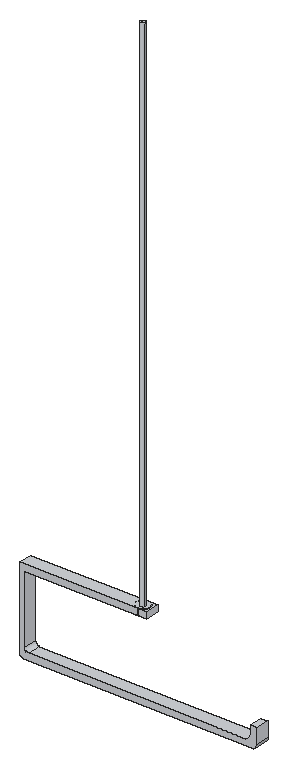
Revit family "Cable Tray Support__Open Bracket_LYNK", category Generic Models, Revit 2023
Family settings
  Can host rebar = No
  Round Connector Dimension = Use Diameter
  Part Type = Normal
  Work Plane-Based = No
  Always vertical = Yes
  Cut with Voids When Loaded = No
  Maintain Annotation Orientation = No
  Shared = No
  Room Calculation Point = No
Parameters
  TRAY_W [instance] = 500 mm
  Level_Top_Height = 160 mm
  LEVEL [instance] = 30 mm
  Hanger_Bottom_Top_Height = 160 mm
  HEIGHT [instance] = 100 mm
  Default Elevation = 0 mm
  Copyright = "BIM LYNK"  # constant formula
  Anchor Elevation [instance] = 1300 mm
Reference planes
  plane 1 "Center (Front/Back)": y = 0
  plane 2: z = 0
  plane 3 "Center (Left/Right)": x = 0
  plane 4: z = 1300
  plane 5: z = -30
Forms (mm)
  Extrusion 1, solid
    sketch origin (0, 0, -102) x (1, 0, 0) y (0, 0, 1)
      loop
        line (264.333, 101.915) -> (250, 101.915) -> (250, 82.079)
        arc (250, 82.079) -> (247.048, 74.952) -> (239.921, 72) r 10.079
        line (239.921, 72) -> (-241.234, 72)
        arc (-241.234, 72) -> (-247.432, 74.568) -> (-250, 80.766) r 8.766
        line (-250, 80.766) -> (-250, 229.6)
        arc (-250, 229.6) -> (-249.297, 231.297) -> (-247.6, 232) r 2.4
        line (-247.6, 232) -> (20.4, 232) -> (20.4, 245.883) -> (-260, 245.883) -> (-260, 66.766)
        arc (-260, 66.766) -> (-257.432, 60.568) -> (-251.234, 58) r 8.766
        line (-251.234, 58) -> (253.834, 58)
        arc (253.834, 58) -> (261.258, 61.075) -> (264.333, 68.499) r 10.499
        line (264.333, 68.499) -> (264.333, 101.915)
    from -15 to 15
  Revolve 2, solid
    sketch origin (0, 0, -5) x (1, 0, 0) y (0, 0, 1)
      loop
        line (0, 1304.902) -> (0, 135) -> (15, 135) -> (15, 148.802) -> (5, 148.802) -> (5, 1304.902) -> (0, 1304.902)
      axis (0, 1304.902) -> (0, 135)
    angle from 0 to 360
Dimensions and locks
  Extrusion 1 sketch curve to Extrusion 1 sketch curve = 500 mm
  "TRAY_W": Extrusion 1 sketch curve to Extrusion 1 sketch curve
  Extrusion 1 sketch curve to Extrusion 1 sketch curve = 14.333 mm
  Extrusion 1 sketch curve to Extrusion 1 sketch curve = 10 mm
  Extrusion 1 sketch curve to Extrusion 1 sketch curve = 14 mm
  Extrusion 1 sketch curve to Extrusion 1 sketch curve = 13.883 mm
  Extrusion 1 sketch curve to level to Extrusion 1 sketch curve = 130 mm, 30 mm
  Extrusion 1 sketch curve to Extrusion 1 sketch curve = 160 mm
  Extrusion 1 sketch curve to Extrusion 1 sketch curve = 43.915 mm
  equal spacing: Extrusion 1 sketch curve, plane 3 "Center (Left/Right)", Extrusion 1 sketch curve
  "Anchor Elevation": plane 4 to plane 2
  locked: plane 4 to Revolve 2 at 0.098
  "LEVEL": level to plane 5
  locked: Extrusion 1 to Extrusion 1 at 14
  locked: Extrusion 1 to Extrusion 1 at 10
  locked: Revolve 2 to Revolve 2 at 13.802
  locked: Extrusion 1 to Extrusion 1 at 13.883
  "Hanger_Bottom_Top_Height": Extrusion 1 to Extrusion 1
  locked: Extrusion 1 to Revolve 2
  "LEVEL": level to Extrusion 1
  radius of Extrusion 1 sketch curve = 8.766 mm  (x2)
  radius of Extrusion 1 sketch curve = 10.079 mm
  radius of Extrusion 1 sketch curve = 10.499 mm
  aligned and locked: level to plane 2
Automatic sketch dimensions
  Revolve 2 sketch curve to plane 3 "Center (Left/Right)" = 0 mm  (x2)
  plane 3 "Center (Left/Right)" to Revolve 2 sketch curve = 5 mm
  plane 3 "Center (Left/Right)" to Revolve 2 sketch curve = 15 mm
  level to Revolve 2 sketch curve = 130 mm
  Revolve 2 sketch curve to Revolve 2 sketch curve = 13.802 mm
  Revolve 2 sketch curve to Revolve 2 sketch curve = 1156.101 mm
  level to Revolve 2 sketch curve = 30.268 mm
  Revolve 2 sketch curve to Revolve 2 sketch curve = 4.707 mm
  Extrusion 1 sketch curve to Extrusion 1 sketch curve = 2.4 mm
  plane 3 "Center (Left/Right)" to Extrusion 1 sketch curve = 20.4 mm
